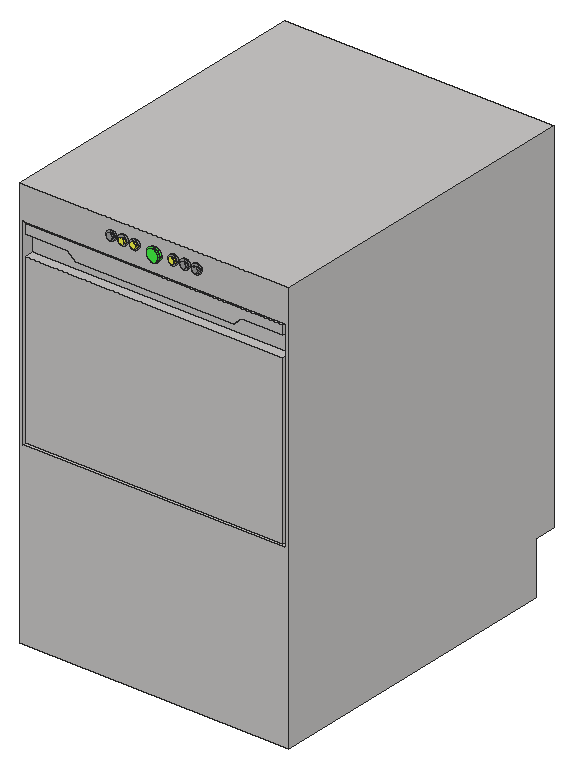
Revit family "QF_ELECTROLUXPROFESSIONAL_402228_ESDICWG", category Specialty Equipment, Revit 2018
Family settings
  Round Connector Dimension = Use Diameter
  Part Type = Normal
  Work Plane-Based = No
  Always vertical = Yes
  Cut with Voids When Loaded = No
  Shared = No
  Room Calculation Point = No
Parameters
  Weight = 37.00 kg
  Watts = 0 W
  Volts = 0 V
  URL Manufacturer = ""
  URL = "http://professional.electrolux.com/"
  Steam Supply Size = 0 mm
  Steam Supply Minimum Pressure = 0.0 Pa
  Steam Supply Maximum Pressure = 0.0 Pa
  Steam Pounds per Hour = 0
  Show Logo [instance] = yes
  Show Clearance [instance] = yes
  Refrigeration Suction Line Size = 0 mm
  Refrigeration Liquid Line Size = 0 mm
  Refrigerant Compressor Remote = yes
  Manufacturer = ""
  Phase = 0
  Model = ""
  Length Actual = 460 mm  # constant formula
  Item Number = ""
  Hot Water Size = 0 mm
  Height Actual = 715 mm  # constant formula
  HP = "4.4 HP"
  Gas Size = 0 mm
  Gas KW = 0
  Gas Input Pressure = 0 W
  Direct Waste Size = 27 mm
  Description = ""
  Depth Actual = 565 mm  # constant formula
  Cycle = 0 Hz
  Condensate Return Size = 0 mm
  Compressed Air Volume = 0.0 L/s
  Compressed Air Size = 0 mm
  Compressed Air Pressure = 0.0 Pa
  Cold Water Size = 0 mm
  Accessory = yes
Types (2, lengths in mm): name | Volts | URL Manufacturer | URL | Manufacturer | Phase | Model | Item Number | Description | Cycle | Cold Water Size
  (no name) | 0 V | "" | "http://professional.electrolux.com/" | "" | 0 | "" | "" | "" | 0 Hz | 0
  Standard | 220 V | "http://professional.electrolux.com" | "http://professional.electrolux.com" | "Electrolux Professional" | 1 | "ESDICWG" | "402228" | "GLASSWASHER(S) INS. DOUBLE SKIN, COLD RINSE, WS, DP, DD, 30B/H" | 50 Hz | 19.05
Reference planes
  plane 1 "Center (Front/Back)": y = 0
  plane 2: z = 0
  plane 3 "Center (Left/Right)": x = 0
  plane 4 "LEFT": x = -230
  plane 5 "RIGHT": x = 230
  plane 6 "FRONT": y = -282.5
  plane 7 "BACK": y = 282.5
  plane 8: x = -202.5
  plane 9: x = 202.5
  plane 10: z = 715
  plane 11: z = 10
Forms (mm)
  Extrusion 1, solid, material "QF_Finishes_Stainless Steel"
    sketch origin (0, 0, 0) x (1, 0, 0) y (0, 1, 0)
      loop
        line (-230, -282.5) -> (230, -282.5) -> (230, 243.5) -> (-230, 243.5) -> (-230, -282.5)
    from 10 to 715
  Extrusion 2, solid, material "QF_Finishes_Stainless Steel"
    sketch origin (0, 0, 0) x (1, 0, 0) y (0, 1, 0)
      loop
        line (-230, 243.5) -> (230, 243.5) -> (230, 282.5) -> (-230, 282.5) -> (-230, 243.5)
    from 100 to 715
  Extrusion 3, solid, material "QF_Finishes_Stainless Steel"
    sketch origin (0, 0, 0) x (1, 0, 0) y (0, 1, 0)
      loop
        circle (-202.5, 184.5) r 12.5
      loop
        circle (202.5, 184.5) r 12.5
      loop
        circle (-202.5, -235.5) r 12.5
      loop
        circle (202.5, -235.5) r 12.5
    from 0 to 10
  Extrusion 4, void
    sketch origin (-230, -282.5, 0) x (-1, 0, 0) y (0, 0, 1)
      loop
        line (-5, 658.217) -> (-455, 658.217) -> (-455, 315) -> (-5, 315) -> (-5, 658.217)
    from 0 to 30
  Extrusion 5, solid, material "QF_Finishes_Stainless Steel"
    sketch origin (-53, -392, 738) x (0, 0, -1) y (1, 0, 0)
      loop
        circle (693, 213) r 10
    from -635.5 to -674.5
  Extrusion 6, solid, material "QF_Door-Drawer Clearances", visible <- "Show Clearance", detail levels coarse
    sketch origin (-230, -282.5, 0) x (0, 1, 0) y (0, 0, -1)
      loop
        line (0, -315) -> (-315, -315)
        arc (-315, -315) -> (-223.2, -545.869) -> (0, -655) r 344.605
        line (0, -655) -> (0, -315)
    from -10 to -450
  Extrusion 7, solid, material "QF_Finishes_Stainless Steel"
    sketch origin (-242.481, -392, 738) x (0, 0, -1) y (1, 0, 0)
      loop
        circle (663, 322.481) r 8
    from -635.5 to -674.5
  Extrusion 8, solid, material "QF_Finishes_Green"
    sketch origin (234, -282.5, -28.75) x (-1, 0, 0) y (0, 0, -1)
      loop
        circle (234, -714.569) r 10
    from 0 to 5
  Extrusion 9, solid, material "QF_Finishes_Gray"
    sketch origin (234, -282.5, -24.375) x (-1, 0, 0) y (0, 0, -1)
      loop
        circle (306.936, -713.972) r 5
    from 0 to 5
  Extrusion 10, solid, material "QF_Finishes_Stainless Steel"
    sketch origin (-230, -282.5, 0) x (0, 1, 0) y (0, 0, -1)
      loop
        line (0, -319.622) -> (0, -605) -> (15, -605) -> (15, -655) -> (25, -655) -> (25, -319.622) -> (0, -319.622)
    from -10 to -450
  Extrusion 11, solid, material "QF_Finishes_Stainless Steel"
    sketch origin (-230, -282.5, 0) x (0, 1, 0) y (0, 0, -1)
      loop
        line (15, -655) -> (15, -652.514) -> (2.5, -652.514) -> (2.5, -626.25) -> (0, -626.25) -> (0, -655) -> (15, -655)
    from -10 to -450
  Extrusion 12, void
    sketch origin (-230, -282.5, 655) x (0, 0, 1) y (1, 0, 0)
      loop
        line (-15.552, 10) -> (-15.552, 81.607) -> (-28.75, 94.804) -> (-28.75, 10) -> (-15.552, 10)
      loop
        line (-15.552, 450) -> (-28.75, 450) -> (-28.75, 365.196) -> (-15.552, 378.393) -> (-15.552, 450)
    from 0 to 2.5
  Extrusion 13, solid, material "QF_Finishes_Stainless Steel"
    sketch origin (-328, -392, 738) x (0, 0, -1) y (1, 0, 0)
      loop
        circle (663, 228) r 8
    from -635.5 to -674.5
  Extrusion 14, solid, material "QF_Finishes_Green"
    sketch origin (-230, -282.5, 0) x (1, 0, 0) y (0, 0, 1)
      loop
        circle (230, 685.819) r 12
      loop
        circle (230, 685.819) r 10
    from 0 to 2.5
  Extrusion 15, solid, material "QF_Finishes_Gray"
    sketch origin (-210, -282.5, -28.75) x (1, 0, 0) y (0, 0, 1)
      loop
        circle (262.936, 718.347) r 8
      loop
        circle (262.936, 718.347) r 5
      loop
        circle (242.936, 718.347) r 8
      loop
        circle (242.936, 718.347) r 5
      loop
        circle (282.936, 718.347) r 8
      loop
        circle (282.936, 718.347) r 5
    from 0 to 2.5
  Extrusion 16, solid, material "QF_Finishes_Gray"
    sketch origin (-234, -282.5, -24.375) x (1, 0, 0) y (0, 0, 1)
      loop
        circle (286.936, 713.972) r 5
      loop
        circle (306.936, 713.972) r 5
    from 0 to 5
  Extrusion 17, solid, material "QF_Finishes_Gray"
    sketch origin (210, -282.5, -28.75) x (-1, 0, 0) y (0, 0, -1)
      loop
        circle (262.936, -718.347) r 8
      loop
        circle (262.936, -718.347) r 5
      loop
        circle (242.936, -718.347) r 8
      loop
        circle (242.936, -718.347) r 5
      loop
        circle (282.936, -718.347) r 8
      loop
        circle (282.936, -718.347) r 5
    from 0 to 2.5
  Extrusion 18, solid, material "QF_Finishes_Yellow"
    sketch origin (254, -282.5, -24.375) x (-1, 0, 0) y (0, 0, -1)
      loop
        circle (306.936, -713.972) r 5
    from 0 to 5
  Extrusion 19, solid, material "QF_Finishes_Yellow"
    sketch origin (274, -282.5, -24.375) x (-1, 0, 0) y (0, 0, -1)
      loop
        circle (306.936, -713.972) r 5
    from 0 to 5
  Extrusion 20, solid, material "QF_Finishes_Yellow"
    sketch origin (339.871, -282.5, -24.375) x (-1, 0, 0) y (0, 0, -1)
      loop
        circle (306.936, -713.972) r 5
    from 0 to 5
Cuts and joins
  Extrusion 4 cuts Extrusion 1
  joined: Extrusion 1, Extrusion 2
  Extrusion 12 cuts Extrusion 10
  Extrusion 12 cuts Extrusion 11
Lines and regions (mm)
  Split face 1
    outline origin (-230, -282.5, 715) x (0, 0, -1) y (1, 0, 0)
      loop
        line (35, 0) -> (35, 60) -> (49.142, 74.142) -> (49.142, 214.142) -> (11.456, 214.142)
        arc (11.456, 214.142) -> (9.82, 214.82) -> (9.142, 216.456) r 2.314
        line (9.142, 216.456) -> (9.142, 230) -> (9.142, 243.544)
        arc (9.142, 243.544) -> (9.82, 245.18) -> (11.456, 245.858) r 2.314
        line (11.456, 245.858) -> (49.142, 245.858) -> (49.142, 385.858) -> (35, 400) -> (35, 460)
      loop
        line (56.783, 5) -> (56.783, 0)
      loop
        line (56.783, 455) -> (56.783, 460)
  symbolic lines
    curve 1: line (-230, 282.5, 0) -> (230, 282.5, 0)
    curve 2: line (-230, -282.5, 0) -> (-230, 282.5, 0)
    curve 3: line (230, -282.5, 0) -> (-230, -282.5, 0)
    curve 4: line (230, 282.5, 0) -> (230, -282.5, 0)
    curve 9: line (-80.94, -285, 0) -> (-80.94, -282.5, 0)
    curve 10: line (-64.948, -285, 0) -> (-64.948, -282.5, 0)
    curve 11: line (-77.926, -287.5, 0) -> (-67.936, -287.5, 0)
    curve 12: line (-67.936, -287.5, 0) -> (-67.936, -285, 0)
    curve 13: line (-77.926, -287.5, 0) -> (-77.926, -285, 0)
    curve 14: line (-60.936, -285, 0) -> (-44.936, -285, 0)
    curve 15: line (-44.936, -285, 0) -> (-44.936, -282.5, 0)
    curve 16: line (-60.936, -285, 0) -> (-60.936, -282.5, 0)
    curve 17: line (-57.936, -287.5, 0) -> (-47.936, -287.5, 0)
    curve 18: line (-47.936, -287.5, 0) -> (-47.936, -285, 0)
    curve 19: line (-57.936, -287.5, 0) -> (-57.936, -285, 0)
    curve 20: line (-40.936, -285, 0) -> (-24.936, -285, 0)
    curve 21: line (-24.936, -285, 0) -> (-24.936, -282.5, 0)
    curve 22: line (-40.936, -285, 0) -> (-40.936, -282.5, 0)
    curve 23: line (-37.936, -287.5, 0) -> (-27.936, -287.5, 0)
    curve 24: line (-27.936, -287.5, 0) -> (-27.936, -285, 0)
    curve 25: line (-37.936, -287.5, 0) -> (-37.936, -285, 0)
    curve 26: line (24.936, -285, 0) -> (40.936, -285, 0)
    curve 27: line (40.936, -285, 0) -> (40.936, -282.5, 0)
    curve 28: line (27.936, -287.5, 0) -> (37.936, -287.5, 0)
    curve 29: line (37.936, -287.5, 0) -> (37.936, -285, 0)
    curve 30: line (27.936, -287.5, 0) -> (27.936, -285, 0)
    curve 31: line (24.936, -285, 0) -> (24.936, -282.5, 0)
    curve 32: line (-12, -285, 0) -> (12, -285, 0)
    curve 33: line (12, -285, 0) -> (12, -282.5, 0)
    curve 34: line (-12, -285, 0) -> (-12, -282.5, 0)
    curve 35: line (-10, -287.5, 0) -> (10, -287.5, 0)
    curve 36: line (10, -287.5, 0) -> (10, -285, 0)
    curve 37: line (-10, -287.5, 0) -> (-10, -285, 0)
    curve 39: line (44.936, -285, 0) -> (60.936, -285, 0)
    curve 40: line (60.936, -285, 0) -> (60.936, -282.5, 0)
    curve 41: line (47.936, -287.5, 0) -> (57.936, -287.5, 0)
    curve 42: line (57.936, -287.5, 0) -> (57.936, -285, 0)
    curve 43: line (47.936, -287.5, 0) -> (47.936, -285, 0)
    curve 44: line (44.936, -285, 0) -> (44.936, -282.5, 0)
    curve 45: line (64.936, -285, 0) -> (80.936, -285, 0)
    curve 46: line (80.936, -285, 0) -> (80.936, -282.5, 0)
    curve 47: line (67.936, -287.5, 0) -> (77.936, -287.5, 0)
    curve 48: line (77.936, -287.5, 0) -> (77.936, -285, 0)
    curve 49: line (67.936, -287.5, 0) -> (67.936, -285, 0)
    curve 50: line (64.936, -285, 0) -> (64.936, -282.5, 0)
  symbolic lines, style "QF_Door-Drawer Clearances"
    curve 5: line (-220, -597.5, 0) -> (220, -597.5, 0)
    curve 6: line (220, -597.5, 0) -> (220, -282.5, 0)
    curve 7: line (-220, -597.5, 0) -> (-220, -282.5, 0)
  symbolic lines, style "SpecialityEquipment"
    curve 8: line (-80.94, -285, 0) -> (-64.948, -285, 0)
  symbolic lines, style "SpecialityEquipmentHiddenLines"
    curve 38: line (-230, 243.5, 0) -> (230, 243.5, 0)
Dimensions and locks
  equal spacing: plane 4 "LEFT", plane 3 "Center (Left/Right)", plane 5 "RIGHT"
  equal spacing: plane 7 "BACK", plane 1 "Center (Front/Back)", plane 6 "FRONT"
  plane 7 "BACK" to plane 6 "FRONT" = 565 mm
  plane 4 "LEFT" to plane 5 "RIGHT" = 460 mm
  plane 4 "LEFT" to plane 8 = 27.5 mm
  plane 9 to plane 5 "RIGHT" = 27.5 mm
  locked: plane 11 to level at 10
  plane 4 "LEFT" to plane 3 "Center (Left/Right)" = 230 mm
  plane 10 to level = 715 mm  (x2)
  plane 8 to plane 9 = 405 mm
  level to Extrusion 13 sketch curve = 75 mm
  Extrusion 13 sketch curve to plane 4 "LEFT" = 130 mm
  level to Extrusion 5 sketch curve = 45 mm
  Extrusion 5 sketch curve to plane 4 "LEFT" = 390 mm
  Extrusion 7 sketch curve to plane 4 "LEFT" = 310 mm
  level to Extrusion 7 sketch curve = 75 mm
  locked: Extrusion 3 to cut or joined group of Extrusion 1, Extrusion 2, Extrusion 4 at 98
  Extrusion 3 to Extrusion 3 = 420 mm
  locked: plane 6 "FRONT" to Extrusion 3 at 47
  plane 9 to plane 8 = 405 mm
  plane 7 "BACK" to curve 5 = 880 mm
  cut or joined group of Extrusion 10, Extrusion 12 to cut or joined group of Extrusion 1, Extrusion 2, Extrusion 4 = 290 mm
  aligned and locked: level to plane 2
  aligned and locked: Extrusion 1 sketch curve to plane 6 "FRONT"
  aligned and locked: Extrusion 1 sketch curve to plane 4 "LEFT"
  aligned and locked: plane 5 "RIGHT" to Extrusion 1 sketch curve
  aligned and locked: Extrusion 1 to plane 11
  aligned and locked: Extrusion 2 sketch curve to Extrusion 1  (x2)
  aligned and locked: plane 7 "BACK" to Extrusion 2 sketch curve
  aligned and locked: plane 5 "RIGHT" to Extrusion 2 sketch curve
  aligned and locked: plane 11 to Extrusion 3
  aligned and locked: Extrusion 2 to Extrusion 5
  aligned and locked: Extrusion 2 to Extrusion 7
  aligned and locked: plane 7 "BACK" to Extrusion 7
  aligned and locked: plane 7 "BACK" to Extrusion 5
  aligned and locked: cut or joined group of Extrusion 11, Extrusion 12 to Extrusion 12
  aligned and locked: plane 10 to Extrusion 2
Automatic sketch dimensions
  curve 1 to plane 4 "LEFT" = 0 mm
  curve 7 to plane 6 "FRONT" = 0 mm
  curve 4 to plane 5 "RIGHT" = 0 mm
  curve 2 to plane 7 "BACK" = 0 mm
  plane 4 "LEFT" to curve 5 = 10 mm
  curve 8 to plane 6 "FRONT" = 2.5 mm
  curve 8 to plane 3 "Center (Left/Right)" = 80.94 mm
  curve 8 to curve 11 = 3.013 mm
  curve 11 to curve 11 = 9.991 mm
  curve 12 to curve 10 = 2.987 mm
  curve 8 to curve 16 = 4.013 mm
  curve 14 to curve 19 = 3 mm
  curve 17 to plane 6 "FRONT" = 5 mm
  curve 17 to curve 17 = 10 mm
  curve 18 to curve 14 = 3 mm
  curve 14 to curve 20 = 4 mm
  curve 20 to curve 25 = 3 mm
  curve 24 to plane 6 "FRONT" = 5 mm
  curve 23 to curve 24 = 10 mm
  curve 24 to curve 21 = 3 mm
  curve 34 to plane 6 "FRONT" = 2.5 mm
  curve 34 to plane 3 "Center (Left/Right)" = 12 mm
  curve 32 to curve 37 = 2 mm
  plane 3 "Center (Left/Right)" to curve 36 = 10 mm
  curve 36 to curve 33 = 2 mm
  curve 26 to plane 6 "FRONT" = 2.5 mm
  curve 32 to curve 26 = 12.936 mm
  curve 26 to curve 30 = 3 mm
  curve 28 to plane 6 "FRONT" = 5 mm
  curve 28 to curve 28 = 10 mm
  curve 29 to curve 27 = 3 mm
  curve 26 to curve 44 = 4 mm
  curve 39 to curve 43 = 3 mm
  curve 41 to plane 6 "FRONT" = 5 mm
  curve 41 to curve 41 = 10 mm
  curve 42 to curve 39 = 3 mm
  curve 39 to curve 50 = 4 mm
  curve 45 to curve 47 = 3 mm
  curve 47 to plane 6 "FRONT" = 5 mm
  curve 47 to curve 47 = 10 mm
  curve 48 to curve 45 = 3 mm
  curve 6 to plane 5 "RIGHT" = 10 mm
  curve 35 to curve 36 = 2.5 mm
  curve 11 to curve 13 = 2.5 mm
  curve 15 to plane 6 "FRONT" = 2.5 mm
  curve 20 to plane 6 "FRONT" = 2.5 mm
  curve 40 to plane 6 "FRONT" = 2.5 mm
  curve 45 to plane 6 "FRONT" = 2.5 mm
  curve 38 to plane 7 "BACK" = 39 mm
  Extrusion 1 sketch curve to plane 7 "BACK" = 39 mm
  Extrusion 3 sketch curve to plane 8 = 0 mm  (x2)
  Extrusion 3 sketch curve to plane 9 = 0 mm  (x2)
  plane 6 "FRONT" to Extrusion 3 sketch curve = 47 mm  (x2)
  Extrusion 3 sketch curve to plane 7 "BACK" = 98 mm  (x2)
  Extrusion 4 sketch curve to Extrusion 1 = 5 mm  (x2)
  Extrusion 4 sketch curve to Extrusion 1 = 305 mm
  Extrusion 4 sketch curve to Extrusion 1 = 56.783 mm
  Extrusion 6 sketch curve to plane 6 "FRONT" = 0 mm
  Extrusion 6 sketch curve to plane 6 "FRONT" = 315 mm
  plane 6 "FRONT" to Extrusion 6 sketch curve = 29.589 mm
  Extrusion 6 sketch curve to plane 10 = 60 mm
  plane 11 to Extrusion 6 sketch curve = 305 mm
  Extrusion 8 sketch curve to Extrusion 8 sketch curve = 0 mm  (x2)
  Extrusion 8 sketch curve to plane 3 "Center (Left/Right)" = 0 mm
  Extrusion 8 sketch curve to plane 10 = 29.181 mm
  plane 3 "Center (Left/Right)" to Extrusion 8 sketch curve = 10 mm
  Extrusion 9 sketch curve to Extrusion 9 sketch curve = 0 mm  (x2)
  Extrusion 9 sketch curve to plane 10 = 25.403 mm
  Extrusion 9 sketch curve to plane 3 "Center (Left/Right)" = 72.936 mm
  Extrusion 9 sketch curve to Extrusion 9 sketch curve = 5 mm
  Extrusion 10 sketch curve to plane 6 "FRONT" = 0 mm
  plane 6 "FRONT" to Extrusion 10 sketch curve = 15 mm
  Extrusion 10 sketch curve to Extrusion 10 sketch curve = 25 mm
  Extrusion 10 sketch curve to plane 10 = 60 mm
  Extrusion 10 sketch curve to Extrusion 10 sketch curve = 50 mm
  Extrusion 10 sketch curve to Extrusion 10 sketch curve = 285.378 mm
  Extrusion 11 sketch curve to plane 6 "FRONT" = 0 mm
  Extrusion 11 sketch curve to Extrusion 11 sketch curve = 2.5 mm
  Extrusion 11 sketch curve to Extrusion 11 sketch curve = 12.5 mm
  Extrusion 11 sketch curve to plane 10 = 60 mm
  Extrusion 11 sketch curve to Extrusion 11 sketch curve = 2.486 mm
  Extrusion 11 sketch curve to Extrusion 11 sketch curve = 26.264 mm
  Extrusion 12 sketch curve to Extrusion 11 = 0 mm  (x3)
  Extrusion 11 to Extrusion 12 sketch curve = 0 mm
  Extrusion 12 sketch curve to Extrusion 11 = 13.198 mm  (x2)
  Extrusion 12 sketch curve to Extrusion 11 = 71.607 mm
  Extrusion 12 sketch curve to Extrusion 12 sketch curve = 13.198 mm  (x2)
  Extrusion 12 sketch curve to Extrusion 11 = 84.804 mm
  Extrusion 14 sketch curve to Extrusion 14 sketch curve = 0 mm  (x2)
  Extrusion 1 to Extrusion 14 sketch curve = 29.181 mm
  Extrusion 1 to Extrusion 14 sketch curve = 230 mm
  Extrusion 15 sketch curve to Extrusion 15 sketch curve = 0 mm  (x8)
  plane 3 "Center (Left/Right)" to Extrusion 15 sketch curve = 32.936 mm
  Extrusion 15 sketch curve to Extrusion 15 sketch curve = 20 mm  (x2)
  Extrusion 15 sketch curve to plane 10 = 25.403 mm
  Extrusion 16 sketch curve to Extrusion 16 sketch curve = 0 mm  (x5)
  Extrusion 16 sketch curve to plane 10 = 25.403 mm
  plane 3 "Center (Left/Right)" to Extrusion 16 sketch curve = 52.936 mm
  Extrusion 16 sketch curve to Extrusion 16 sketch curve = 20 mm
  Extrusion 16 sketch curve to Extrusion 16 sketch curve = 5 mm  (x2)
  Split face 1 sketch curve to cut or joined group of Extrusion 1, Extrusion 2, Extrusion 4 = 0 mm  (x6)
  cut or joined group of Extrusion 1, Extrusion 2, Extrusion 4 to Split face 1 sketch curve = 0 mm  (x2)
  cut or joined group of Extrusion 1, Extrusion 2, Extrusion 4 to Split face 1 sketch curve = 7.641 mm  (x2)
  Split face 1 sketch curve to Split face 1 sketch curve = 14.142 mm  (x4)
  Split face 1 sketch curve to cut or joined group of Extrusion 1, Extrusion 2, Extrusion 4 = 11.456 mm  (x2)
  Split face 1 sketch curve to cut or joined group of Extrusion 1, Extrusion 2, Extrusion 4 = 9.142 mm
  Split face 1 sketch curve to cut or joined group of Extrusion 1, Extrusion 2, Extrusion 4 = 55 mm
  Split face 1 sketch curve to Split face 1 sketch curve = 140 mm
  Split face 1 sketch curve to Split face 1 sketch curve = 13.544 mm  (x2)
  Split face 1 sketch curve to cut or joined group of Extrusion 1, Extrusion 2, Extrusion 4 = 69.142 mm
  Extrusion 17 sketch curve to Extrusion 17 sketch curve = 0 mm  (x8)
  Extrusion 17 sketch curve to plane 3 "Center (Left/Right)" = 32.936 mm
  Extrusion 17 sketch curve to Extrusion 17 sketch curve = 20 mm  (x2)
  Extrusion 17 sketch curve to plane 10 = 25.403 mm
  Extrusion 18 sketch curve to Extrusion 18 sketch curve = 0 mm  (x2)
  Extrusion 18 sketch curve to plane 10 = 25.403 mm
  Extrusion 18 sketch curve to plane 3 "Center (Left/Right)" = 52.936 mm
  Extrusion 18 sketch curve to Extrusion 18 sketch curve = 5 mm
  Extrusion 19 sketch curve to Extrusion 19 sketch curve = 0 mm  (x2)
  Extrusion 19 sketch curve to plane 3 "Center (Left/Right)" = 32.936 mm
  Extrusion 19 sketch curve to plane 10 = 25.403 mm
  Extrusion 19 sketch curve to Extrusion 19 sketch curve = 5 mm
  Extrusion 20 sketch curve to Extrusion 20 sketch curve = 0 mm  (x2)
  plane 3 "Center (Left/Right)" to Extrusion 20 sketch curve = 32.936 mm
  Extrusion 20 sketch curve to plane 10 = 25.403 mm
  Extrusion 20 sketch curve to Extrusion 20 sketch curve = 5 mm
  radius of Extrusion 5 sketch curve = 10 mm
  radius of Extrusion 7 sketch curve = 8 mm
  radius of Extrusion 13 sketch curve = 8 mm
  radius of Extrusion 3 sketch curve = 12.5 mm  (x4)
  radius of Extrusion 14 sketch curve = 12 mm
  radius of Extrusion 14 sketch curve = 10 mm
  radius of Extrusion 15 sketch curve = 8 mm  (x3)
  radius of Extrusion 15 sketch curve = 5 mm  (x3)
  radius of Extrusion 17 sketch curve = 8 mm  (x3)
  radius of Extrusion 17 sketch curve = 5 mm  (x3)
Connectors
  piping at (160, 282.5, 45), diameter 20
    settings: on Extrusion 5, index 1, connector inside diameter 609.6 mm, connector length 0 mm, flow factor 0, pipe flow 0.0 L/s, pressure drop 0.0 Pa, fitting loss kfactor 0, connector angle 0.00°, fixture units 0, engagement length 0 mm, angle of deflection 0.00°, flow configuration 1, flow direction 1, fitting loss method 0, system type 16, joint type 0, gender type 0, connector reference index -1, connector utility 0, adjustable connector no, is connector primary yes, connector description "Drain"
  piping at (80, 282.5, 75), driven by "Cold Water Size"
    settings: on Extrusion 7, index 3, connector diameter 0 mm, connector inside diameter 609.6 mm, connector length 0 mm, flow factor 0, pipe flow 0.0 L/s, pressure drop 0.0 Pa, fitting loss kfactor 0, connector angle 0.00°, fixture units 0, engagement length 0 mm, angle of deflection 0.00°, flow configuration 1, flow direction 1, fitting loss method 0, system type 20, joint type 0, gender type 0, connector reference index -1, connector utility 0, adjustable connector no, is connector primary no, connector description "Cold Water Inlet"
  electrical at (-100, 282.5, 75), driven by "Volts"
    settings: on Extrusion 13, index 4, voltage 0 V, apparent load 0 VA, apparent load phase1 0 VA, apparent load phase2 0 VA, apparent load phase3 0 VA, power factor 1, load classification "Altro", number of poles 1, system type 31, power factor state 1, is connector primary yes, connector utility no, sub classification motor no, connector description "Electrical Connection"
